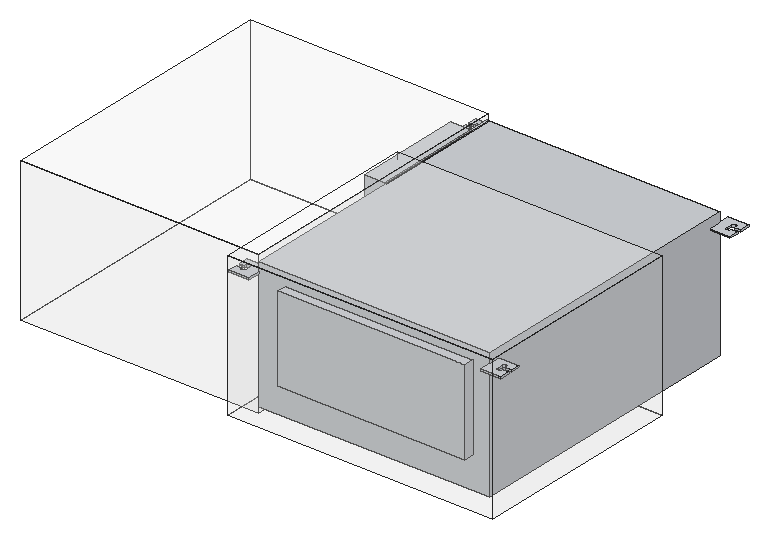
Revit family "pefy-p45_160mg9-j_60Hz", category 機械設備, Revit 2019
Family settings
  丸型コネクタ寸法 = 直径を使用
  パーツ タイプ = 標準
  OmniClass 番号 = 23.75.10.24.21.27.27
  OmniClass タイトル = Split System Air Conditioning Units
  作業面ベース = いいえ
  常に垂直 = はい
  ロード時にボイドで切り取り = いいえ
  共有 = いいえ
  部屋計算ポイント = はい
Parameters (values of type "PEFY-P45MG9-J")
  風量（弱）（m3／min） = 10
  風量（m3／min） = 14
  風量 = MAX風量  # 840.0 m³/h
  音響パワーレベル（弱）(dB) = 51
  音響パワーレベル(dB) = 57
  電源種別 = ""
  電源_H = 0 mm
  電圧_電気ヒーター = 0 V
  電圧 = 200 V
  電動機出力_送風機 = 0.08 kW
  運転質量 = 0.00 kg
  連動 = ""
  質量 = if(製品質量 > 運転質量, 製品質量, 運転質量) * 1.2  # 46.80 kg
  負荷分類 = 3_ファン類
  説明 = "ビル用マルチエアコン 天井埋込形　室内機"
  設計暖房能力 = 0.00 kW
  設計冷房能力_顕熱 = 0 kW
  設計冷房能力 = 0 kW
  設置方法 = "天井吊(隠ぺい)形"
  記号 = ""
  製造元 = "三菱電機株式会社"
  製品質量 = 39.00 kg
  製品出荷対象 = "国内"
  製品リリース年月 = "2022年9月15日"
  製品グループ = ""
  系統 = ""
  符号 = "ACP_CID"
  積算_科目 = "1 空気調和設備"
  積算_拾い区分 [instance] = ""
  相_電気ヒーター = 1
  相 = 1
  盤記号 = ""
  発停方法 = "付属スイッチ"
  特殊仕様 = ""
  点検口離隔 [instance] = if(点検口離隔入力値 > 200 mm, 200 mm, if(点検口離隔入力値 < 150 mm, 150 mm, 点検口離隔入力値))  # 150 mm
  点検口離隔入力値 [instance] = 150 mm
  点検口設置範囲 = 700 mm
  点検口位置 = 100 mm
  点検口 = yes
  火災停止 = ""
  消費電力_電気ヒーター = 0.00 kW
  消費電力_暖房 = 0.20 kW
  消費電力_加湿器 = 0.00 kW
  消費電力_冷房 = 0.22 kW
  消費電力 = if(消費電力_冷房 > 消費電力_暖房, 消費電力_冷房, 消費電力_暖房) + 消費電力_加湿器 + 消費電力_電気ヒーター  # 0.22 kW
  法定耐用年数 = "15"
  機外静圧 = 100.0 Pa
  極数 = 3
  材質 = ""
  本体マテリアル = none
  有効加湿量 = 0
  暖房能力 = 5.00 kW
  推奨ブレーカー容量 = 15 A
  形式_加湿器 = ""
  形式 = "天井吊（隠ぺい）形（両ダクト形）"
  幹線記号 = ""
  始動方式 = ""
  呼称 = "室内機_天井吊(隠ぺい)形(両ダクト形)"
  周波数 = 60 Hz
  吊り幅 = if(Depth = 900 mm, 60 mm, 61 mm)  # 60 mm
  吊り位置Y = 842 mm
  吊り位置X = 754 mm
  台数_手元リモコン = ""
  台数_冷媒分岐ユニット = ""
  参照している仕様書等のバージョン = "公共建築工事標準仕様書（機械設備工事編）平成31年度版"
  加湿給水管径 = 0 mm
  分類コード = "50053003221070"
  分類グループ = ""
  冷房能力 = 4.5 kW
  冷媒高低圧ガス管径 = 0 mm
  冷媒管径符号 = "Ac"
  冷媒管径 = 100 mm
  冷媒液管径 = 6.35 mm
  冷媒液管_縦 = 58 mm
  冷媒液管_横 = 69 mm
  冷媒ガス管径 = 12.7 mm
  冷媒ガス管_縦 = 143 mm
  冷媒ガス管_横 = 187 mm
  企業コード = "108420"
  付属品_フィルター = ""
  付属品 = ""
  仕様書バージョン = "Version1.0"
  モデル = "PEFY-P45MG9-J"
  ドレン管径 = 32 mm
  ドレン管_縦 = 326.5 mm
  ドレン管_横 = 430 mm
  サービススペース = yes
  コメント [instance] = ""
  ケーブル種類 = ""
  ケーブルサイズ = 1.6 mm
  Width = 745 mm
  Version = ""
  Uniclass2015Version = "Systems v1.9"
  Uniclass2015Title = "Split coil remote air cooled condensing units"
  Uniclass2015Code = "Pr_70_65_03_84"
  URL = "https://www.mitsubishielectric.co.jp/ldg/wink/ssl/displayProduct.do?pid=317047"
  SpecificationReference = ""
  SpecificationDescription = ""
  S_H = Height + 20 mm  # 400 mm
  SAサイズ_W = 550 mm
  SAサイズ_D = 250 mm
  Revision = ""
  RAサイズ_W = 600 mm
  RAサイズ_D = 340 mm
  ProductInformation = ""
  OmniClassCode = "23-751024212727"
  MIN風量 = 風量（弱）（m3／min） * 60.0 m³/h  # 600.0 m³/h
  MAX風量 = 風量（m3／min） * 60.0 m³/h  # 840.0 m³/h
  IfcTypeProduct = ""
  IfcProduct = ""
  IfcExportType = "AIRCONDITIONINGUNIT"
  IfcExportAs = "IfcUnitaryEquipmentType"
  Height = 380 mm
  Depth = 900 mm
  Clearance Top = 20 mm  # constant formula
  Clearance Right = 50 mm  # constant formula
  Clearance Left = if(Width = 745 mm, 730 mm, if(Width = 1030 mm, 1015 mm, if(Width = 1195 mm, 1180 mm, 1300 mm)))  # 730 mm
  Clearance Front = if(Depth = 900 mm, 575 mm, 650 mm)  # 575 mm
  Clearance Bottom = 20 mm  # constant formula
  Clearance Back = 50 mm  # constant formula
  Author = "三菱電機株式会社"
Types (8, lengths in mm): name | 風量（弱）（m3／min） | 風量（m3／min） | 風量 | 音響パワーレベル（弱）(dB) | 音響パワーレベル(dB) | 電動機出力_送風機 | 質量 | 製品質量 | 消費電力_暖房 | 消費電力_冷房 | 消費電力 | 暖房能力 | 吊り位置X | 冷房能力 | 冷媒管径符号 | 冷媒液管径 | 冷媒ガス管径 | モデル | Width | URL | SAサイズ_W | RAサイズ_W | MIN風量 | MAX風量 | Clearance Left
  PEFY-P45MG9-J | 10 | 14 | 840.0 m³/h | 51 | 57 | 0.08 kW | 46.80 kg | 39.00 kg | 0.20 kW | 0.22 kW | 0.22 kW | 5.00 kW | 754 | 4.5 kW | "Ac" | 6.35 | 12.7 | "PEFY-P45MG9-J" | 745 | "https://www.mitsubishielectric.co.jp/ldg/wink/ssl/displayProduct.do?pid=317047" | 550 | 600 | 600.0 m³/h | 840.0 m³/h | 730
  PEFY-P56MG9-J | 10 | 14 | 840.0 m³/h | 52 | 57 | 0.08 kW | 46.80 kg | 39.00 kg | 0.20 kW | 0.22 kW | 0.22 kW | 6.30 kW | 754 | 5.6 kW | "Ac" | 6.35 | 12.7 | "PEFY-P56MG9-J" | 745 | "https://www.mitsubishielectric.co.jp/ldg/wink/ssl/displayProduct.do?pid=317048" | 550 | 600 | 600.0 m³/h | 840.0 m³/h | 730
  PEFY-P71MG9-J | 13.5 | 19 | 1140.0 m³/h | 56 | 61 | 0.10 kW | 48.00 kg | 40.00 kg | 0.26 kW | 0.28 kW | 0.28 kW | 8.00 kW | 754 | 7.1 kW | "Bd" | 9.52 | 15.88 | "PEFY-P71MG9-J" | 745 | "https://www.mitsubishielectric.co.jp/ldg/wink/ssl/displayProduct.do?pid=317049" | 550 | 600 | 810.0 m³/h | 1140.0 m³/h | 730
  PEFY-P80MG9-J | 15.5 | 22 | 1320.0 m³/h | 56 | 61 | 0.11 kW | 61.20 kg | 51.00 kg | 0.29 kW | 0.31 kW | 0.31 kW | 9.00 kW | 1039 | 8 kW | "Bd" | 9.52 | 15.88 | "PEFY-P80MG9-J" | 1030 | "https://www.mitsubishielectric.co.jp/ldg/wink/ssl/displayProduct.do?pid=317050" | 835 | 885 | 930.0 m³/h | 1320.0 m³/h | 1015
  PEFY-P90MG9-J | 18 | 25 | 1500.0 m³/h | 58 | 63 | 0.14 kW | 61.20 kg | 51.00 kg | 0.31 kW | 0.33 kW | 0.33 kW | 10.00 kW | 1039 | 9 kW | "Bd" | 9.52 | 15.88 | "PEFY-P90MG9-J" | 1030 | "https://www.mitsubishielectric.co.jp/ldg/wink/ssl/displayProduct.do?pid=317051" | 835 | 885 | 1080.0 m³/h | 1500.0 m³/h | 1015
  PEFY-P112MG9-J | 26.5 | 38 | 2280.0 m³/h | 60 | 64 | 0.20 kW | 75.60 kg | 63.00 kg | 0.53 kW | 0.55 kW | 0.55 kW | 12.50 kW | 1204 | 11.2 kW | "Bd" | 9.52 | 15.88 | "PEFY-P112MG9-J" | 1195 | "https://www.mitsubishielectric.co.jp/ldg/wink/ssl/displayProduct.do?pid=317052" | 1000 | 1050 | 1590.0 m³/h | 2280.0 m³/h | 1180
  PEFY-P140MG9-J | 26.5 | 38 | 2280.0 m³/h | 61 | 65 | 0.20 kW | 75.60 kg | 63.00 kg | 0.53 kW | 0.55 kW | 0.55 kW | 16.00 kW | 1204 | 14 kW | "Bd" | 9.52 | 15.88 | "PEFY-P140MG9-J" | 1195 | "https://www.mitsubishielectric.co.jp/ldg/wink/ssl/displayProduct.do?pid=317053" | 1000 | 1050 | 1590.0 m³/h | 2280.0 m³/h | 1180
  PEFY-P160MG9-J | 28 | 40 | 2400.0 m³/h | 62 | 65 | 0.23 kW | 78.00 kg | 65.00 kg | 0.53 kW | 0.55 kW | 0.55 kW | 18.00 kW | 1204 | 16 kW | "Bd" | 9.52 | 15.88 | "PEFY-P160MG9-J" | 1195 | "https://www.mitsubishielectric.co.jp/ldg/wink/ssl/displayProduct.do?pid=317054" | 1000 | 1050 | 1680.0 m³/h | 2400.0 m³/h | 1180
Reference planes
  plane 1 "中心(正面/背面)": y = -138.467
  plane 2: z = 0
  plane 3 "中心(左/右)": x = 140.396
  plane 4: z = 380
  plane 5: z = 400
  plane 6: x = 517.396
  plane 7: x = -236.604
  plane 8: y = -528.467
  plane 9: y = -588.467
  plane 10: y = 311.533
  plane 11: x = 480.396
  plane 12: x = -264.604
  plane 13: z = -20
  plane 14: x = 540.396
  plane 15: y = -559.467
  plane 16: y = 287.533
  plane 17: y = -135.967
  plane 18: y = -262.467
  plane 19: y = 187.533
  plane 20: x = -199.604
  plane 21: x = -349.604
  plane 22: x = -899.604
  plane 23: z = 400
  plane 24: x = -249.604
  plane 25: y = -609.467
  plane 26: x = 530.396
  plane 27: y = 15.533
  plane 28 "吊りボルトピッチ-1": y = 282.533
Dimensions and locks
  "S_H": plane 5 to level
  equal spacing: plane 10, plane 1 "中心(正面/背面)", plane 9
  "Depth": plane 10 to plane 9
  "Width": plane 11 to plane 12
  "Clearance Bottom": level to plane 13
  locked: plane 8 to plane 9 at 60
  "吊り幅": plane 14 to plane 11
  "Height": plane 4 to level
  locked: plane 10 to plane 16 at 24
  locked: plane 15 to plane 9 at 29
  locked: plane 19 to plane 18 at 450
  equal spacing: plane 16, plane 17, plane 15
  plane 20 to plane 7 = 37 mm
  "点検口離隔": plane 20 to plane 21
  "点検口設置範囲": plane 20 to plane 22
  "Clearance Top": plane 23 to plane 4
  "Clearance Back": plane 15 to plane 25
  "Clearance Right": plane 20 to plane 24
  "Clearance Front": plane 27 to plane 15
  "Clearance Left": plane 26 to plane 20
  "点検口位置": plane 16 to plane 19
  equal spacing: plane 11, plane 3 "中心(左/右)", plane 20
  "吊り位置X": plane 7 to plane 6
  equal spacing: plane 7, plane 3 "中心(左/右)", plane 6
  locked: plane 6 to plane 14 at 23
  aligned and locked: level to plane 2
  aligned and locked: nested 3 to plane 3 "中心(左/右)"
  aligned and locked: plane 1 "中心(正面/背面)" to nested 3
  aligned and locked: plane 18 to nested 2
  aligned and locked: plane 19 to nested 2
  aligned and locked: nested 2 to plane 22
  aligned and locked: nested 2 to plane 21
  aligned and locked: plane 23 to nested 1
  aligned and locked: plane 23 to nested 4
  aligned and locked: plane 13 to nested 1
  aligned and locked: plane 13 to nested 4
  aligned and locked: nested 1 to plane 15
  aligned and locked: nested 1 to plane 16
  aligned and locked: nested 1 to plane 22
  aligned and locked: nested 1 to plane 20
  aligned and locked: nested 4 to plane 25
  aligned and locked: nested 4 to plane 27
  aligned and locked: nested 4 to plane 24
  aligned and locked: nested 4 to plane 26
  aligned and locked: plane 6 to nested 5
  aligned and locked: nested 5 to plane 7
  aligned and locked: nested 5 to plane 15
Nested families
  nested 1: "サービススペース" at (-549.604, -135.967, 190) x (-1, 0, 0) z (0, 0, 1), visible <- "サービススペース", type "サービススペース"
    with Width 700 mm, Height 420 mm, Depth 847 mm
  nested 2: "点検口設置範囲" at (-624.604, -37.467, 0) x (-1, 0, 0) z (0, 0, 1), visible <- "点検口", type "点検口設置範囲"
    with Width 550 mm, Depth 450 mm
  nested 3: "PEFY-P○○○MG9" at (312.896, -138.467, 0) x (0, -1, 0) z (0, 0, 1), type "PEFY-P○○○MG9"
    with 制御ボクス yes, ユニット表示 yes, 吊りボルトピッチ 842 mm
  nested 4: "サービススペース" at (140.396, -296.967, 190) x (-1, 0, 0) z (0, 0, 1), visible <- "サービススペース", type "サービススペース"
    with Width 780 mm, Height 420 mm, Depth 625 mm
  nested 5: "固定点" at (-236.604, -559.467, 0), W <- "吊り位置X", D <- "吊り位置Y", type "固定点"
    with W 754 mm, D 842 mm
Connectors
  hvac at (155.396, -588.467, 219), driven by "SAサイズ_D", driven by "SAサイズ_W", driven by "機外静圧", driven by "風量"
    settings: on nested 3, index 1, duct flow 840.0 m³/h, flow factor 0, pres drop 100.0 Pa, loss coef 0, conn angle 0.00°, conn width 550 mm, conn height 250 mm, conn diameter 609.6 mm, duct sys type 29, conn prof type 1, flow config 0, flow direction 2, loss method 4, conn ref index -1, conn util no, is conn primary yes, conn desc ""
  hvac at (140.396, 311.533, 186), driven by "RAサイズ_D", driven by "RAサイズ_W", driven by "機外静圧", driven by "風量"
    settings: on nested 3, index 2, duct flow 840.0 m³/h, flow factor 0, pres drop 100.0 Pa, loss coef 0, conn angle 0.00°, conn width 600 mm, conn height 340 mm, conn diameter 609.6 mm, duct sys type 29, conn prof type 1, flow config 0, flow direction 1, loss method 4, conn ref index -1, conn util no, is conn primary no, conn desc ""
  piping at (-264.604, -337.967, 172), diameter 100, driven by "冷媒管径", driven by "冷媒管径符号"
    settings: on nested 3, index 3, connector inside diameter 609.6 mm, connector length 0 mm, flow factor 0, pipe flow 0.0 L/s, pressure drop 0.0 Pa, fitting loss kfactor 0, connector angle 0.00°, fixture units 0, engagement length 0 mm, angle of deflection 0.00°, flow configuration 1, flow direction 1, fitting loss method 4, system type 7, joint type 0, gender type 0, connector reference index -1, connector utility 0, adjustable connector no, is connector primary yes, connector description "Ac"
  piping at (-209.604, -129.467, 326.5), diameter 32, driven by "ドレン管径"
    settings: on nested 3, index 4, connector inside diameter 609.6 mm, connector length 0 mm, flow factor 0, pipe flow 0.0 L/s, pressure drop 0.0 Pa, fitting loss kfactor 0, connector angle 0.00°, fixture units 0, engagement length 0 mm, angle of deflection 0.00°, flow configuration 1, flow direction 2, fitting loss method 4, system type 16, joint type 0, gender type 0, connector reference index -1, connector utility 0, adjustable connector no, is connector primary no, connector description ""
  electrical at (-209.604, 117.533, 60), driven by "極数", driven by "負荷分類", driven by "電圧", driven by "消費電力"
    settings: on nested 3, index 5, voltage 200 V, apparent load 220 VA, apparent load phase1 0 VA, apparent load phase2 0 VA, apparent load phase3 0 VA, power factor 1, load classification "3_ファン類", number of poles 3, system type 30, power factor state 1, is connector primary yes, connector utility no, sub classification motor no, connector description ""
Definition of nested family "サービススペース"
  Parameters (values of type "サービススペース")
    Width [instance] = 500 mm
    Height [instance] = 500 mm
    Depth [instance] = 500 mm
  Reference planes
    plane 1 "中心(正面/背面)": y = 0
    plane 2: z = 0
    plane 3 "中心(左/右)": x = 0
    plane 4: y = -250
    plane 5: x = 250
    plane 6: y = 250
    plane 7: x = -250
    plane 8: z = 250
    plane 9: z = -250
  Forms (mm)
    Extrusion 1, solid
      sketch origin (-638.939, 0, 72.39) x (1, 0, 0) y (0, 1, 0)
        loop
          line (388.939, 250) -> (388.939, -250) -> (888.939, -250) -> (888.939, 250) -> (388.939, 250)
      from -322.39 to 177.61
  Lines and regions (mm)
    symbolic lines
      curve 1: line (-250, 0, 250) -> (250, 0, 250)
      curve 2: line (-250, 0, -250) -> (-250, 0, 250)
      curve 3: line (250, 0, -250) -> (-250, 0, -250)
      curve 4: line (250, 0, 250) -> (250, 0, -250)
      curve 5: line (0, -250, 250) -> (0, 250, 250)
      curve 6: line (0, -250, -250) -> (0, -250, 250)
      curve 7: line (0, 250, -250) -> (0, -250, -250)
      curve 8: line (0, 250, 250) -> (0, 250, -250)
      curve 9: line (-250, 250, 0) -> (250, 250, 0)
      curve 10: line (-250, -250, 0) -> (-250, 250, 0)
      curve 11: line (250, -250, 0) -> (-250, -250, 0)
      curve 12: line (250, 250, 0) -> (250, -250, 0)
  Dimensions and locks
    equal spacing: plane 7, plane 3 "中心(左/右)", plane 5
    equal spacing: plane 4, plane 1 "中心(正面/背面)", plane 6
    "Depth": plane 4 to plane 6
    "Width": plane 7 to plane 5
    equal spacing: plane 8, plane 2, plane 9
    "Height": plane 8 to plane 9
    aligned and locked: plane 9 to curve 3
    aligned and locked: plane 7 to curve 2
    aligned and locked: curve 4 to plane 5
    aligned and locked: plane 5 to Extrusion 1
    aligned and locked: Extrusion 1 to plane 7
    aligned and locked: Extrusion 1 to plane 9
    aligned and locked: plane 8 to Extrusion 1
    aligned and locked: plane 9 to curve 7
  Automatic sketch dimensions
    plane 4 to Extrusion 1 sketch curve = 0 mm
    Extrusion 1 sketch curve to plane 7 = 0 mm
    Extrusion 1 sketch curve to plane 5 = 0 mm
    plane 6 to Extrusion 1 sketch curve = 0 mm
    curve 2 to plane 8 = 0 mm
    plane 4 to curve 11 = 0 mm
    curve 11 to plane 7 = 0 mm
    curve 11 to plane 5 = 0 mm
    plane 6 to curve 10 = 0 mm
    curve 7 to plane 4 = 0 mm
    curve 7 to plane 6 = 0 mm
    curve 6 to plane 8 = 0 mm
Definition of nested family "PEFY-P○○○MG9"
  Parameters (values of type "PEFY-P○○○MG9")
    配線取出口サイズ = 36 mm
    配線取出口-Z = 60 mm  # constant formula
    配線取出口-Y = 10 mm  # constant formula
    配線取出口-X = 50 mm  # constant formula
    制御ボクス [instance] = and(ユニット表示, 幅さ = 900 mm)  # yes
    冷媒液配管サイズ = 6.35 mm
    y = if(幅さ = 900 mm, 65 mm, 0 mm)  # 65 mm
    e = if(幅さ = 900 mm, 80 mm, 100 mm)  # 80 mm
    d = if(幅さ = 900 mm, 40 mm, 102 mm)  # 40 mm
    R2 = 250 mm
    R1 = if(幅さ = 900 mm, 94 mm, 105 mm)  # 94 mm
    L2 = 340 mm
    L1 = if(幅さ = 900 mm, 16 mm, 20 mm)  # 16 mm
    E = 550 mm
    C = 680 mm
    A = if(奥行き = 745 mm, 800 mm, if(奥行き = 1030 mm, 1085 mm, if(奥行き = 1195 mm, 1250 mm, 1372 mm)))  # 800 mm
    高さ = 380 mm
    奥行き = 745 mm
    吊りボルト_H = 167 mm
    冷媒配管 = 100 mm
    冷媒液管径-Z = 58 mm
    冷媒液管径-Y = if(幅さ = 900 mm, 65 mm, 100 mm)  # 65 mm
    冷媒液管径-X = 69 mm
    冷媒ガス管径-Z = 143 mm
    冷媒ガス管径-Y = if(幅さ = 900 mm, 70 mm, 100 mm)  # 70 mm
    冷媒ガス管径-X = 187 mm
    ユニット表示 [instance] = yes
    吊りボルトピッチ = 814 mm
    ドレン配管サイズ = 32 mm
    ドレン管径-Z = 326.5 mm
    ドレン管径-Y = 10 mm  # constant formula
    ドレン管径-X = 430 mm
    冷媒ガス配管サイズ = 12.7 mm
    D = 600 mm
    幅さ = 900 mm
    B = 754 mm
  Reference planes
    plane 1 "中心(正面/背面)": y = -172.5
    plane 2: z = 0
    plane 3 "中心(左/右)": x = 0
    plane 4: z = 380
    plane 5: z = -20
    plane 6: x = -450
    plane 7: x = 450
    plane 8: y = -572.5
    plane 9: z = 400
    plane 10: y = 167.5
    plane 11: y = -512.5
    plane 12: x = -426
    plane 13 "吊金具-２": x = 421
    plane 14: z = 41
    plane 15: z = 36
    plane 16: y = 117.5
    plane 17: y = -432.5
    plane 18: y = 127.5
    plane 19: y = -472.5
    plane 20: y = 204.5
    plane 21: z = 356
    plane 22: z = 16
    plane 23: z = 94
    plane 24: z = 344
    plane 25: y = -577.5
    plane 26: x = -366
    plane 27: x = -306
    plane 28: z = 120
    plane 29: z = 170
    plane 30: y = -517.5
    plane 31: x = -454
    plane 32: x = 390
    plane 33: x = -354
    plane 34: x = 321
    plane 35: y = 227.5
    plane 36: y = -549.5
    plane 37: y = -577.5
    plane 38: y = -522.5
    plane 39: y = -577.5
    plane 40: y = -582.5
    plane 41: x = 234
    plane 42: z = 143
    plane 43: x = 165
    plane 44: z = 201
    plane 45: x = 199.5
    plane 46: z = 172
    plane 47: x = -9
    plane 48: x = -50
    plane 49: z = 326.5
    plane 50: x = -256
    plane 51: z = 60
    plane 52 "吊金具-2": x = 455
    plane 53: x = 415
    plane 54: x = 427
    plane 55 "吊金具-高さ": z = 353
    plane 56 "吊金具-1": x = -421
  Forms (mm)
    Extrusion 1, solid, visible <- "ユニット表示", detail levels fine
      sketch origin (0, 0, 0) x (1, 0, 0) y (0, 1, 0)
        loop
          line (-426, 167.5) -> (-426, -512.5) -> (421, -512.5) -> (421, 167.5) -> (-426, 167.5)
      from 0 to 380
    Extrusion 2, solid, visible <- "ユニット表示", detail levels fine
      sketch origin (0, 0, 0) x (1, 0, 0) y (0, 1, 0)
        loop
          line (-450, 127.5) -> (-450, -472.5) -> (-426, -472.5) -> (-426, 127.5) -> (-450, 127.5)
      from 16 to 356
    Extrusion 3, solid, visible <- "ユニット表示", detail levels fine
      sketch origin (0, 0, 0) x (1, 0, 0) y (0, 1, 0)
        loop
          line (450, 117.5) -> (421, 117.5) -> (421, -432.5) -> (450, -432.5) -> (450, 117.5)
      from 94 to 344
    Extrusion 4, solid, visible <- "ユニット表示", detail levels fine
      sketch origin (1480.036, -512.5, 1200) x (1, 0, 0) y (0, 0, 1)
        loop
          line (-1906.036, -820) -> (-1906.036, -1080) -> (-1786.036, -1200) -> (-1530.036, -1200) -> (-1530.036, -820) -> (-1906.036, -820)
      from 0 to 5
    Extrusion 5, solid, visible <- "制御ボクス", detail levels fine
      sketch origin (1480.036, -517.5, 1200) x (1, 0, 0) y (0, 0, 1)
        loop
          line (-1786.036, -1030) -> (-1786.036, -1184) -> (-1530.036, -1184) -> (-1530.036, -820) -> (-1846.036, -820) -> (-1846.036, -1030) -> (-1786.036, -1030)
      from 0 to 60
    Extrusion 6, solid, visible <- "ユニット表示", detail levels fine
      sketch origin (-1437.329, -1523, 36) x (-1, 0, 0) y (0, -1, 0)
        loop
          line (-1824.329, -950.5) -> (-1852.329, -950.5) -> (-1852.329, -966.5) -> (-1850.329, -966.5)
          arc (-1850.329, -966.5) -> (-1845.38, -968.55) -> (-1843.329, -973.5) r 7
          arc (-1843.329, -973.5) -> (-1845.38, -978.45) -> (-1850.329, -980.5) r 7
          line (-1850.329, -980.5) -> (-1866.329, -980.5)
          arc (-1866.329, -980.5) -> (-1871.279, -978.45) -> (-1873.329, -973.5) r 7
          arc (-1873.329, -973.5) -> (-1871.279, -968.55) -> (-1866.329, -966.5) r 7
          line (-1866.329, -966.5) -> (-1864.329, -966.5) -> (-1864.329, -950.5) -> (-1892.329, -950.5) -> (-1892.329, -1010.5) -> (-1824.329, -1010.5) -> (-1824.329, -950.5)
        loop
          line (-1824.329, -1750.5) -> (-1824.329, -1690.5) -> (-1892.329, -1690.5) -> (-1892.329, -1750.5) -> (-1864.329, -1750.5) -> (-1864.329, -1734.5) -> (-1866.329, -1734.5)
          arc (-1866.329, -1734.5) -> (-1871.279, -1732.45) -> (-1873.329, -1727.5) r 7
          arc (-1873.329, -1727.5) -> (-1871.279, -1722.55) -> (-1866.329, -1720.5) r 7
          line (-1866.329, -1720.5) -> (-1850.329, -1720.5)
          arc (-1850.329, -1720.5) -> (-1845.38, -1722.55) -> (-1843.329, -1727.5) r 7
          arc (-1843.329, -1727.5) -> (-1845.38, -1732.45) -> (-1850.329, -1734.5) r 7
          line (-1850.329, -1734.5) -> (-1852.329, -1734.5) -> (-1852.329, -1750.5) -> (-1824.329, -1750.5)
        loop
          line (-982.329, -950.5) -> (-1010.329, -950.5) -> (-1010.329, -966.5) -> (-1008.329, -966.5)
          arc (-1008.329, -966.5) -> (-1003.38, -968.55) -> (-1001.329, -973.5) r 7
          arc (-1001.329, -973.5) -> (-1003.38, -978.45) -> (-1008.329, -980.5) r 7
          line (-1008.329, -980.5) -> (-1024.329, -980.5)
          arc (-1024.329, -980.5) -> (-1029.279, -978.45) -> (-1031.329, -973.5) r 7
          arc (-1031.329, -973.5) -> (-1029.279, -968.55) -> (-1024.329, -966.5) r 7
          line (-1024.329, -966.5) -> (-1022.329, -966.5) -> (-1022.329, -950.5) -> (-1050.329, -950.5) -> (-1050.329, -1010.5) -> (-982.329, -1010.5) -> (-982.329, -950.5)
        loop
          line (-982.329, -1750.5) -> (-982.329, -1690.5) -> (-1050.329, -1690.5) -> (-1050.329, -1750.5) -> (-1022.329, -1750.5) -> (-1022.329, -1734.5) -> (-1024.329, -1734.5)
          arc (-1024.329, -1734.5) -> (-1029.279, -1732.45) -> (-1031.329, -1727.5) r 7
          arc (-1031.329, -1727.5) -> (-1029.279, -1722.55) -> (-1024.329, -1720.5) r 7
          line (-1024.329, -1720.5) -> (-1008.329, -1720.5)
          arc (-1008.329, -1720.5) -> (-1003.38, -1722.55) -> (-1001.329, -1727.5) r 7
          arc (-1001.329, -1727.5) -> (-1003.38, -1732.45) -> (-1008.329, -1734.5) r 7
          line (-1008.329, -1734.5) -> (-1010.329, -1734.5) -> (-1010.329, -1750.5) -> (-982.329, -1750.5)
      from 312 to 317
    Extrusion 7, solid, visible <- "ユニット表示", detail levels fine
      sketch origin (1480.036, -512.5, 1200) x (1, 0, 0) y (0, 0, 1)
        loop
          circle (-1246.036, -1057) r 6.35
      from 0 to 70
    Extrusion 8, solid, visible <- "ユニット表示", detail levels fine
      sketch origin (1480.036, -512.5, 1200) x (1, 0, 0) y (0, 0, 1)
        loop
          circle (-1315.036, -999) r 3.175
      from 0 to 65
    Extrusion 9, solid, visible <- "ユニット表示", detail levels fine
      sketch origin (1480.036, -512.5, 1200) x (1, 0, 0) y (0, 0, 1)
        loop
          circle (-1280.536, -1028) r 50
      from 0 to 65
    Extrusion 10, solid, visible <- "ユニット表示", detail levels fine
      sketch origin (1480.036, -512.5, 1200) x (1, 0, 0) y (0, 0, 1)
        loop
          circle (-1489.036, -873.5) r 16
      from 0 to 10
    Extrusion 11, solid, visible <- "ユニット表示", detail levels fine
      sketch origin (1480.036, -512.5, 1200) x (1, 0, 0) y (0, 0, 1)
        loop
          circle (-1736.036, -1140) r 18
      from 0 to 10
  Dimensions and locks
    locked: level to plane 5 at 20
    equal spacing: plane 6, plane 3 "中心(左/右)", plane 7
    "幅さ": plane 6 to plane 7
    locked: plane 9 to plane 4 at 20
    "高さ": plane 4 to level
    locked: plane 6 to plane 12 at 24
    locked: plane 13 "吊金具-２" to plane 7 at 29
    locked: plane 14 to level at 41
    locked: plane 14 to plane 15 at 5
    "D": plane 19 to plane 18
    "E": plane 17 to plane 16
    "L1": plane 22 to level
    "R2": plane 24 to plane 23
    "R1": plane 23 to level
    "L2": plane 21 to plane 22
    "e": plane 11 to plane 17
    "d": plane 11 to plane 19
    "奥行き": plane 25 to plane 10
    plane 12 to plane 26 to plane 27 = 60 mm locked, 60 mm locked
    locked: plane 28 to level at 120
    locked: plane 29 to plane 28 at 50
    locked: plane 30 to plane 11 at 5
    locked: plane 31 to plane 6 at 4
    locked: plane 32 to plane 7 at 60
    locked: plane 31 to plane 33 at 100
    locked: plane 34 to plane 13 "吊金具-２" at 100
    "y": plane 25 to plane 11
    "B": plane 36 to plane 20
    plane 8 to plane 36 = 23 mm
    locked: plane 37 to plane 30 at 60
    "ドレン管径-Y": plane 38 to plane 11
    "冷媒液管径-Y": plane 39 to plane 11
    "冷媒ガス管径-Y": plane 40 to plane 11
    "冷媒ガス管径-Z": plane 42 to level
    "冷媒ガス管径-X": plane 41 to plane 13 "吊金具-２"
    "冷媒液管径-X": plane 43 to plane 41
    "冷媒液管径-Z": plane 44 to plane 42
    equal spacing: plane 44, plane 46, plane 42
    equal spacing: plane 43, plane 45, plane 41
    "ドレン管径-X": plane 47 to plane 13 "吊金具-２"
    locked: plane 48 to plane 3 "中心(左/右)" at 50
    "ドレン管径-Z": plane 49 to level
    locked: plane 27 to plane 50 at 50
    "配線取出口-Z": plane 51 to level
    "A": plane 8 to plane 35
    equal spacing: plane 11, plane 1 "中心(正面/背面)", plane 10
    equal spacing: plane 8, plane 1 "中心(正面/背面)", plane 35
    equal spacing: plane 36, plane 1 "中心(正面/背面)", plane 20
    plane 4 to plane 55 "吊金具-高さ" = 27 mm
    Extrusion 6 to Extrusion 6 = 910 mm
    "冷媒ガス配管サイズ": diameter of Extrusion 7 sketch curve
    "冷媒液配管サイズ": diameter of Extrusion 8 sketch curve
    "冷媒配管": diameter of Extrusion 9 sketch curve
    "ドレン配管サイズ": diameter of Extrusion 10 sketch curve
    "配線取出口サイズ": diameter of Extrusion 11 sketch curve
    aligned and locked: level to plane 2
    aligned and locked: plane 10 to Extrusion 1 sketch curve
    aligned and locked: plane 12 to Extrusion 1 sketch curve
    aligned and locked: Extrusion 1 sketch curve to plane 11
    aligned and locked: Extrusion 1 sketch curve to plane 13 "吊金具-２"
    aligned and locked: Extrusion 1 to level
    aligned and locked: plane 4 to Extrusion 1
    aligned and locked: plane 18 to Extrusion 2 sketch curve
    aligned and locked: Extrusion 2 sketch curve to plane 19
    aligned and locked: Extrusion 2 sketch curve to plane 12
    aligned and locked: plane 6 to Extrusion 2 sketch curve
    aligned and locked: Extrusion 2 to plane 22
    aligned and locked: plane 21 to Extrusion 2
    aligned and locked: Extrusion 3 sketch curve to plane 16
    aligned and locked: plane 17 to Extrusion 3 sketch curve
    aligned and locked: Extrusion 3 sketch curve to plane 13 "吊金具-２"
    aligned and locked: plane 7 to Extrusion 3 sketch curve
    aligned and locked: Extrusion 3 to plane 23
    aligned and locked: plane 24 to Extrusion 3
    aligned and locked: Extrusion 4 sketch curve to plane 4
    aligned and locked: Extrusion 4 sketch curve to plane 12
    aligned and locked: Extrusion 4 sketch curve to level
    aligned and locked: Extrusion 4 to plane 11
    aligned and locked: plane 30 to Extrusion 4
    aligned and locked: Extrusion 5 sketch curve to plane 27
    aligned and locked: Extrusion 5 sketch curve to plane 29
    aligned and locked: Extrusion 5 sketch curve to plane 26
    aligned and locked: Extrusion 5 sketch curve to plane 4
    aligned and locked: Extrusion 5 sketch curve to plane 22
    aligned and locked: Extrusion 5 to plane 30
    aligned and locked: plane 37 to Extrusion 5
    aligned and locked: plane 42 to Extrusion 7 sketch curve
    aligned and locked: plane 41 to Extrusion 7 sketch curve
    aligned and locked: Extrusion 7 to plane 11
    aligned and locked: plane 40 to Extrusion 7
    aligned and locked: plane 44 to Extrusion 8 sketch curve
    aligned and locked: plane 43 to Extrusion 8 sketch curve
    aligned and locked: Extrusion 8 to plane 11
    aligned and locked: plane 39 to Extrusion 8
    aligned and locked: Extrusion 9 to plane 11
    aligned and locked: plane 39 to Extrusion 9
    aligned and locked: Extrusion 5 sketch curve to plane 48
    aligned and locked: Extrusion 4 sketch curve to plane 48
    aligned and locked: plane 49 to Extrusion 10 sketch curve
    aligned and locked: plane 47 to Extrusion 10 sketch curve
    aligned and locked: Extrusion 10 to plane 11
    aligned and locked: plane 38 to Extrusion 10
    aligned and locked: plane 51 to Extrusion 11 sketch curve
    aligned and locked: plane 50 to Extrusion 11 sketch curve
    aligned and locked: Extrusion 11 to plane 11
    aligned and locked: plane 38 to Extrusion 11
    aligned and locked: plane 46 to Extrusion 9 sketch curve
    aligned and locked: plane 45 to Extrusion 9 sketch curve
    aligned and locked: plane 55 "吊金具-高さ" to Extrusion 6
  Automatic sketch dimensions
    Extrusion 4 sketch curve to plane 27 = 0 mm
    Extrusion 4 sketch curve to plane 28 = 0 mm
    Extrusion 6 sketch curve to Extrusion 6 sketch curve = 0 mm  (x16)
    plane 8 to Extrusion 6 sketch curve = 0 mm  (x4)
    Extrusion 6 sketch curve to plane 52 "吊金具-2" = 0 mm  (x2)
    plane 36 to Extrusion 6 sketch curve = 0 mm  (x4)
    plane 20 to Extrusion 6 sketch curve = 0 mm  (x4)
    Extrusion 6 sketch curve to plane 54 = 0 mm  (x2)
    plane 35 to Extrusion 6 sketch curve = 0 mm  (x4)
    Extrusion 6 sketch curve to plane 53 = 0 mm  (x2)
    plane 54 to Extrusion 6 sketch curve = 2 mm  (x2)
    Extrusion 6 sketch curve to plane 53 = 2 mm  (x2)
    Extrusion 6 sketch curve to plane 32 = 3 mm  (x2)
    Extrusion 6 sketch curve to plane 26 = 21 mm  (x2)
    plane 10 to Extrusion 6 sketch curve = 0 mm  (x2)
    plane 56 "吊金具-1" to Extrusion 6 sketch curve = 8 mm  (x2)
    plane 56 "吊金具-1" to Extrusion 6 sketch curve = 6 mm  (x2)
    Extrusion 6 sketch curve to plane 12 = 1 mm  (x2)
    Extrusion 6 sketch curve to plane 12 = 3 mm  (x2)
    Extrusion 6 sketch curve to plane 31 = 1 mm  (x2)
    Extrusion 6 sketch curve to plane 20 = 7 mm  (x2)
    Extrusion 6 sketch curve to plane 11 = 0 mm  (x2)
    Extrusion 6 sketch curve to Extrusion 6 sketch curve = 7 mm  (x2)
    plane 36 to Extrusion 6 sketch curve = 7 mm  (x2)
Definition of nested family "点検口設置範囲"
  Parameters (values of type "点検口設置範囲")
    Width [instance] = 1000 mm
    Depth [instance] = 700 mm
  Reference planes
    plane 1 "中心(正面/背面)": y = 0
    plane 2: z = 0
    plane 3 "中心(左/右)": x = 0
    plane 4: x = -500
    plane 5: x = 500
    plane 6: y = -350
    plane 7: y = 350
  Lines and regions (mm)
    model lines
      curve 1: line (-500, 350, 0) -> (500, 350, 0)
      curve 2: line (-500, -350, 0) -> (-500, 350, 0)
      curve 3: line (500, -350, 0) -> (-500, -350, 0)
      curve 4: line (500, 350, 0) -> (500, -350, 0)
  Dimensions and locks
    "Depth": plane 7 to plane 6
    "Width": plane 4 to plane 5
    equal spacing: plane 7, plane 1 "中心(正面/背面)", plane 6
    equal spacing: plane 4, plane 3 "中心(左/右)", plane 5
    aligned and locked: level to plane 2
    aligned and locked: plane 4 to curve 2
    aligned and locked: curve 1 to plane 7
    aligned and locked: curve 4 to plane 5
    aligned and locked: plane 6 to curve 3
Definition of nested family "固定点"
  Parameters (values of type "固定点")
    中心円 = 20 mm
    W [instance] = 1324 mm
    D [instance] = 1034 mm
  Reference planes
    plane 1 "中心(正面/背面)": y = 0
    plane 2: z = 0
    plane 3 "中心(左/右)": x = 0
    plane 4: x = 1324
    plane 5: y = 1034
  Lines and regions (mm)
    symbolic lines, detail levels fine
      curve 1: circle (0, 1034, 0) r 10 normal (0, 0, 1)
      curve 2: circle (0, 0, 0) r 10 normal (0, 0, 1)
      curve 3: circle (1324, 1034, 0) r 10 normal (0, 0, 1)
      curve 4: circle (1324, 0, 0) r 10 normal (0, 0, 1)
      curve 5: line (-200, 1034, 0) -> (1524, 1034, 0)
      curve 6: line (-200, 0, 0) -> (1524, 0, 0)
      curve 7: line (0, 1234, 0) -> (0, -200, 0)
      curve 8: line (1324, 1234, 0) -> (1324, -200, 0)
  Dimensions and locks
    "W": plane 3 "中心(左/右)" to plane 4
    "D": plane 1 "中心(正面/背面)" to plane 5
    "中心円": diameter of curve 1
    "中心円": diameter of curve 2
    "中心円": diameter of curve 3
    "中心円": diameter of curve 4
    aligned and locked: level to plane 2
    aligned and locked: plane 5 to curve 1
    aligned and locked: plane 3 "中心(左/右)" to curve 1
    aligned and locked: plane 3 "中心(左/右)" to curve 2
    aligned and locked: plane 1 "中心(正面/背面)" to curve 2
    aligned and locked: plane 4 to curve 3
    aligned and locked: plane 5 to curve 3
    aligned and locked: plane 1 "中心(正面/背面)" to curve 4
    aligned and locked: plane 4 to curve 4
    aligned and locked: plane 1 "中心(正面/背面)" to curve 6
    aligned and locked: curve 7 to plane 3 "中心(左/右)"
    aligned and locked: curve 8 to plane 4
  Automatic sketch dimensions
    curve 5 to plane 5 = 0 mm
    curve 6 to plane 3 "中心(左/右)" = 200 mm
    curve 5 to plane 3 "中心(左/右)" = 200 mm
    curve 4 to curve 6 = 200 mm
    curve 3 to curve 5 = 200 mm
    plane 1 "中心(正面/背面)" to curve 8 = 200 mm
    plane 1 "中心(正面/背面)" to curve 7 = 200 mm
    curve 3 to curve 8 = 200 mm
    curve 1 to curve 7 = 200 mm
